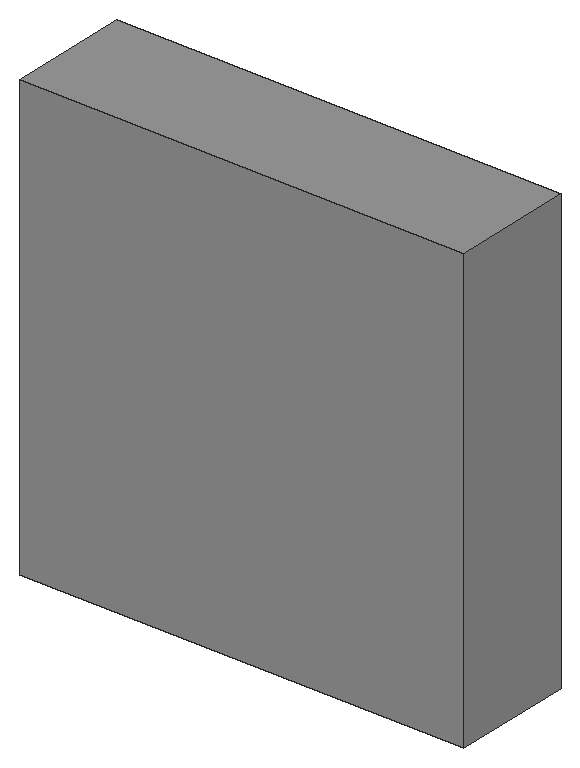
Revit family "SHG_Leser_V1700", category Sicherheitsgeräte, Revit 2017
Family settings
  Beschriftungsausrichtung beibehalten = Nein
  Bemaßung runder Anschluss = Durchmesser verwenden
  Teiletyp = Normal
  OmniClass-Nummer = 23.85.30.11
  OmniClass-Titel = Access Controls
  Arbeitsebenenbasiert = Nein
  Immer vertikal = Ja
  Beim Laden mit Abzugskörper schneiden = Ja
  Gemeinsam genutzt = Nein
  Raumberechnungspunkt = Nein
Parameters (values of type "Transponderleser")
  pbr_Material_KZ = ""
  pbr_Material = none
  pbr_E_Typ = ""
  pbr_E_KZ = ""
  pbr_DINBild = 0
  pbr_Bild = 0
  pbr_3Dx_Delta_Korrekturversatz [instance] = 0 mm
  pbr_3DX_Versatzfaktor [instance] = 0
  pbr_2DY_Versatzfaktor [instance] = 0
  pbr_2DX_Versatzfaktor [instance] = 0
  lfd_STRK [instance] = 0
  cpiFitMatchKey [instance] = "E-ZK VS A"
  Zentrale [instance] = ""
  Typ [instance] = ""
  Transponderleser = yes
  Tiefe = 37 mm
  Text3 [instance] = ""
  Text2 [instance] = ""
  Text1 [instance] = ""
  Planungsbüro Rohling = "www.pbr.de"
  Netzart = ""
  Menge(Dosenzahl) [instance] = 0
  Länge = 135 mm
  Linie/Anschluss [instance] = ""
  Linie [instance] = ""
  Leser online = no
  Lastklassifizierung = none
  Kartenleser (ZK) = no
  Kartenleser = no
  Installationsart [instance] = ""
  Info [instance] = ""
  Gewerk [instance] = "ZK"
  Eckversatz [instance] = 0 mm
  YFrontversatz [instance] = if(pbr_2DY_Versatzfaktor = 300, 0 mm, pbr_2DY_Versatzfaktor * 300 mm)  # 0 mm
  XSeitenversatz [instance] = if(pbr_2DX_Versatzfaktor = 0, 3000 mm, 3000 mm + (pbr_2DX_Versatzfaktor * 300 mm)) + Eckversatz  # 3000 mm
  X3Dversatz [instance] = if([3DX_Versatzkontrolle] = 0, 2000 mm, 2000 mm + ([3DX_Versatzkontrolle] * (300 mm - Breite))) + pbr_3Dx_Delta_Korrekturversatz  # 2000 mm
  Niveau [instance] = 1200 mm
  Code Kartenleser = no
  Bus [instance] = ""
  Breite = 135 mm
  Betriebsstrom ruhe [instance] = 0
  Betriebsstrom max [instance] = 0
  Ausweisleser Typ 2 = no
  Ausweisleser Typ 1 = no
  Ausweisleser Standalone = no
  Ausweisleser = no
  Aufdruckbolzen = no
  3DX_Versatzkontrolle [instance] = if(pbr_3DX_Versatzfaktor = 0, (pbr_2DX_Versatzfaktor * -1), (((-1 * pbr_3DX_Versatzfaktor) + pbr_2DX_Versatzfaktor) * -1))  # 0
  3DX_Versatz [instance] = if([3DX_Versatzkontrolle] = 0, 2000 mm, 2000 mm + ([3DX_Versatzkontrolle] * (300 mm - Breite))) + pbr_3Dx_Delta_Korrekturversatz  # 2000 mm
Types (10, lengths in mm): name | Transponderleser | Leser online | Kartenleser (ZK) | Kartenleser | Gewerk | Code Kartenleser | Ausweisleser Typ 2 | Ausweisleser Typ 1 | Ausweisleser Standalone | Ausweisleser | Aufdruckbolzen
  Aufdruckbolzen | no | no | no | no | "ZK" | no | no | no | no | no | yes
  Transponderleser | yes | no | no | no | "ZK" | no | no | no | no | no | no
  Kartenleser_KAS | no | no | no | yes | "KAS" | no | no | no | no | no | no
  Ausweisleser | no | no | no | no | "ZK" | no | no | no | no | yes | no
  Ausweisleser_Standalone | no | no | no | no | "ZK" | no | no | no | yes | no | no
  Ausweisleser_Typ2 | no | no | no | no | "ZK" | no | yes | no | no | no | no
  Ausweisleser_Typ1 | no | no | no | no | "ZK" | no | no | yes | no | no | no
  Code_Kartenleser | no | no | no | no | "ZK" | yes | no | no | no | no | no
  Kartenleser_ZK | no | no | yes | no | "ZK" | no | no | no | no | no | no
  Leser_online | no | yes | no | no | "ZK" | no | no | no | no | no | no
Reference planes
  plane 1 "Mitte (Vorne/Hinten)": y = 0
  plane 2: z = 0
  plane 3 "Mitte (Links/Rechts)": x = 22.5
  plane 4: x = -127.5
  plane 5: x = 172.5
  plane 6: y = 300
  plane 7 "Schalterhinten": y = 0
  plane 8: x = -2977.5
  plane 9: x = 22.5
  plane 10: x = -1977.5
  plane 11: x = -45
  plane 12: x = 90
  plane 13: z = 1267.5
  plane 14: z = 1132.5
  plane 15 "SchalterVorne": y = 37
  plane 16 "3DMitte": x = 22.5
  plane 17 "Achse": z = 1200
  plane 18: z = 1225
  plane 19: z = 1175
  plane 20 "2DMitte": y = 150
Forms (mm)
  Extrusion 1, solid, material "Stahl, weich, geschweißt"
    sketch origin (0, 20, 0) x (0, 0, 1) y (-1, 0, 0)
      loop
        line (1132.5, 45) -> (1132.5, -90) -> (1267.5, -90) -> (1267.5, 45) -> (1132.5, 45)
    from -17 to 20
Dimensions and locks
  locked: plane 6 to plane 7 "Schalterhinten" at 300
  "XSeitenversatz": plane 8 to plane 9
  plane 8 to plane 3 "Mitte (Links/Rechts)" = 3000 mm
  "YFrontversatz": plane 1 "Mitte (Vorne/Hinten)" to plane 7 "Schalterhinten"
  "Breite": plane 12 to plane 11
  "Länge": plane 13 to plane 14
  plane 9 to plane 10 = 2000 mm
  equal spacing: plane 12, plane 16 "3DMitte", plane 11
  equal spacing: plane 13, plane 17 "Achse", plane 14
  "Niveau": plane 17 "Achse" to level
  "Tiefe": plane 15 "SchalterVorne" to plane 1 "Mitte (Vorne/Hinten)"
  plane 13 to plane 18 = 42.5 mm
  plane 19 to plane 14 = 42.5 mm
  equal spacing: plane 4, plane 9, plane 5, locked at 150 each
  locked: plane 4 to plane 5 at 300
  equal spacing: plane 6, plane 20 "2DMitte", plane 7 "Schalterhinten", locked at 150 each
  locked: plane 9 to plane 10 at 2000
  "3DX_Versatz": plane 3 "Mitte (Links/Rechts)" to plane 10
  aligned and locked: level to plane 2
  aligned and locked: Extrusion 1 sketch curve to plane 14
  aligned and locked: Extrusion 1 sketch curve to plane 11
  aligned and locked: Extrusion 1 sketch curve to plane 13
  aligned and locked: plane 12 to Extrusion 1 sketch curve
  aligned and locked: plane 1 "Mitte (Vorne/Hinten)" to Extrusion 1
  aligned and locked: Extrusion 1 to plane 15 "SchalterVorne"
  aligned and locked: nested 1 to plane 9
  aligned and locked: nested 1 to plane 7 "Schalterhinten"
  aligned and locked: nested 2 to plane 9
  aligned and locked: nested 2 to plane 7 "Schalterhinten"
  aligned and locked: nested 3 to plane 9
  aligned and locked: nested 3 to plane 7 "Schalterhinten"
  aligned and locked: nested 4 to plane 9
  aligned and locked: nested 4 to plane 7 "Schalterhinten"
  aligned and locked: nested 5 to plane 9
  aligned and locked: nested 5 to plane 7 "Schalterhinten"
  aligned and locked: nested 6 to plane 9
  aligned and locked: nested 6 to plane 7 "Schalterhinten"
  aligned and locked: nested 7 to plane 9
  aligned and locked: nested 7 to plane 7 "Schalterhinten"
  aligned and locked: nested 8 to plane 9
  aligned and locked: nested 8 to plane 7 "Schalterhinten"
  aligned and locked: nested 9 to plane 9
  aligned and locked: nested 9 to plane 7 "Schalterhinten"
  aligned and locked: nested 10 to plane 9
  aligned and locked: nested 10 to plane 7 "Schalterhinten"
Nested families
  nested 1: "Aufdruckbolzen" at (22.5, 0, 0), visible <- "Aufdruckbolzen", type "Aufdruckbolzen"
  nested 2: "Ausweisleser" at (22.5, 0, 0), visible <- "Ausweisleser", type "Ausweisleser"
  nested 3: "Ausweisleser Standalone" at (22.5, 0, 0), visible <- "Ausweisleser Standalone", type "Ausweisleser Standalone"
  nested 4: "Ausweisleser Typ 1" at (22.5, 0, 0), visible <- "Ausweisleser Typ 1", type "Ausweisleser Typ 1"
  nested 5: "Ausweisleser Typ 2" at (22.5, 0, 0), visible <- "Ausweisleser Typ 2", type "Ausweisleser Typ 2"
  nested 6: "Code Kartenleser" at (22.5, 0, 0), visible <- "Code Kartenleser", type "Code Kartenleser"
  nested 7: "Kartenleser (KAS)" at (22.5, 0, 0), visible <- "Kartenleser", type "Kartenleser (KAS)"
  nested 8: "Kartenleser (ZK)" at (22.5, 0, 0), visible <- "Kartenleser (ZK)", type "Kartenleser (ZK)"
  nested 9: "Leser online" at (22.5, 0, 0), visible <- "Leser online", type "Leser online"
  nested 10: "Transponderleser" at (22.5, 0, 0), visible <- "Transponderleser", type "Transponderleser"
Connectors
  electrical at (22.5, 0, 1200)
    settings: on Extrusion 1, index 1, voltage 0 V, apparent load 0 VA, apparent load phase1 0 VA, apparent load phase2 0 VA, apparent load phase3 0 VA, power factor 1, load classification "Sonstige", number of poles 1, system type 10, power factor state 1, is connector primary yes, connector utility no, sub classification motor no, connector description ""
Definition of nested family "Aufdruckbolzen"
  Reference planes
    plane 1 "Mitte (Vorne/Hinten)": y = 0
    plane 2: z = 0
    plane 3 "Mitte (Links/Rechts)": x = 0
  Lines and regions (mm)
    detail lines, in view "Referenzebene"
      curve 1: line (160.497, 0, 0) -> (160.497, 300, 0)
      curve 2: line (160.497, 300, 0) -> (-139.503, 300, 0)
      curve 3: line (-139.503, 300, 0) -> (-139.503, 0, 0)
      curve 4: line (-139.503, 0, 0) -> (160.497, 0, 0)
      curve 5: line (-57.25, 214.249, 0) -> (-57.25, 85.582, 0)
      curve 6: line (-57.25, 149.916, 0) -> (63.21, 149.916, 0)
Definition of nested family "Ausweisleser"
  Reference planes
    plane 1 "Mitte (Vorne/Hinten)": y = 0
    plane 2: z = 0
    plane 3 "Mitte (Links/Rechts)": x = 0
  Lines and regions (mm)
    detail lines, in view "Referenzebene"
      curve 1: line (-145.019, 503.43, 0) -> (154.981, 503.43, 0)
      curve 2: line (154.981, 503.43, 0) -> (154.981, 0, 0)
      curve 3: line (154.981, 0, 0) -> (-145.019, 0, 0)
      curve 4: line (-145.019, 0, 0) -> (-145.019, 503.43, 0)
      curve 5: line (-82.618, 396.834, 0) -> (98.986, 396.834, 0)
Definition of nested family "Ausweisleser Standalone"
  Reference planes
    plane 1 "Mitte (Vorne/Hinten)": y = 0
    plane 2: z = 0
    plane 3 "Mitte (Links/Rechts)": x = 0
  Lines and regions (mm)
    Filled region 1, type "Beton", in view "Referenzebene"
      outline origin (-544.599, -278.336, 0) x (1, 0, 0) y (0, 1, 0)
        loop
          spline (421.975, 491.057) -> (428.809, 499.066) -> (434.102, 502.124) -> (438.935, 503.224) -> (443.905, 502.641) -> (449.197, 500.608) -> (454.142, 498.06) -> (458.215, 495.82) -> (461.648, 494.09) -> (465.275, 492.896) -> (470.831, 492.137) -> (479.269, 493.434) -> (490.007, 501.396)
          line (490.007, 501.396) -> (490.007, 518.837)
          spline (490.007, 518.837) -> (482.508, 511.417) -> (475.754, 507.938) -> (471.59, 507.879) -> (467.736, 508.531) -> (463.025, 510.821) -> (458.476, 513.276) -> (453.776, 515.517) -> (448.568, 517.508) -> (443.39, 518.716) -> (437.755, 518.704) -> (430.649, 516.672) -> (421.975, 508.826)
          line (421.975, 508.826) -> (421.975, 491.057)
    Filled region 2, type "Beton", in view "Referenzebene"
      outline origin (-544.599, -278.336, 0) x (1, 0, 0) y (0, 1, 0)
        loop
          line (585.8, 382.695) -> (585.8, 368.804) -> (650.06, 368.804) -> (650.06, 382.695) -> (585.8, 382.695)
        loop
          line (585.8, 345.652) -> (585.8, 331.761) -> (650.06, 331.761) -> (650.06, 345.652) -> (585.8, 345.652)
    detail lines, in view "Referenzebene"
      curve 1: line (-152.278, 300, 0) -> (147.722, 300, 0)
      curve 2: line (147.722, 300, 0) -> (147.722, 0, 0)
      curve 3: line (147.722, 0, 0) -> (-152.278, 0, 0)
      curve 4: line (-152.278, 0, 0) -> (-152.278, 300, 0)
      curve 5: line (-152.278, 0, 0) -> (147.722, 300, 0)
      curve 6: line (-152.278, 600, 0) -> (147.722, 600, 0)
      curve 7: line (147.722, 600, 0) -> (147.722, 300, 0)
      curve 8: line (147.722, 300, 0) -> (-152.278, 300, 0)
      curve 9: line (-152.278, 300, 0) -> (-152.278, 600, 0)
      curve 10: line (-89.877, 508.392, 0) -> (91.727, 508.392, 0)
Definition of nested family "Ausweisleser Typ 1"
  Reference planes
    plane 1 "Mitte (Vorne/Hinten)": y = 0
    plane 2: z = 0
    plane 3 "Mitte (Links/Rechts)": x = 0
  Lines and regions (mm)
    detail lines, in view "Referenzebene"
      curve 1: line (-0.422, 150, 0) -> (-0.422, 0, 0)
      curve 2: line (-0.422, 0, 0) -> (-300.422, 0, 0)
      curve 3: line (-300.422, 0, 0) -> (-300.422, 300, 0)
      curve 4: line (-300.422, 300, 0) -> (-0.422, 300, 0)
      curve 5: line (-0.422, 300, 0) -> (-300.422, 300, 0)
      curve 6: line (-300.422, 300, 0) -> (-300.422, 150, 0)
      curve 7: line (-300.422, 0, 0) -> (-0.422, 0, 0)
      curve 8: line (-0.422, 0, 0) -> (-0.422, 300, 0)
      curve 9: line (-0.422, 300, 0) -> (299.578, 300, 0)
      curve 10: line (299.578, 300, 0) -> (299.578, 212.5, 0)
      curve 11: line (299.578, 212.5, 0) -> (149.578, 212.5, 0)
      curve 12: line (149.578, 212.5, 0) -> (149.578, 87.5, 0)
      curve 13: line (149.578, 87.5, 0) -> (299.578, 87.5, 0)
      curve 14: line (299.578, 87.5, 0) -> (299.578, 0, 0)
      curve 15: line (299.578, 0, 0) -> (-0.422, 0, 0)
      curve 16: line (-0.422, 0, 0) -> (-0.422, 300, 0)
      curve 17: line (-78.422, 78, 0) -> (-222.422, 78, 0)
      curve 18: line (-222.422, 78, 0) -> (-222.422, 222, 0)
      curve 19: line (-222.422, 222, 0) -> (-78.422, 222, 0)
      curve 20: line (-78.422, 222, 0) -> (-78.422, 78, 0)
      curve 21: line (-78.422, 126, 0) -> (-222.422, 126, 0)
      curve 22: line (-78.422, 174, 0) -> (-222.422, 174, 0)
      curve 23: line (-174.422, 78, 0) -> (-174.422, 222, 0)
      curve 24: line (-216.422, 78, 0) -> (-216.422, 222, 0)
      curve 25: line (-126.422, 78, 0) -> (-126.422, 222, 0)
      curve 26: line (-84.422, 222, 0) -> (-84.422, 78, 0)
      curve 27: line (224.578, 150, 0) -> (349.578, 150, 0)
      curve 28: line (149.578, 180.745, 0) -> (149.578, 0, 0)
Definition of nested family "Ausweisleser Typ 2"
  Reference planes
    plane 1 "Mitte (Vorne/Hinten)": y = 0
    plane 2: z = 0
    plane 3 "Mitte (Links/Rechts)": x = 0
  Lines and regions (mm)
    detail lines, in view "Referenzebene"
      curve 1: circle (-149.991, 147.854, 0) r 132.092 normal (0, 0, 1)
      curve 2: line (-300, -2.146, 0) -> (0, -2.146, 0)
      curve 3: line (0, -2.146, 0) -> (0, 297.854, 0)
      curve 4: line (0, 297.854, 0) -> (300, 297.854, 0)
      curve 5: line (300, 297.854, 0) -> (300, 210.354, 0)
      curve 6: line (300, 210.354, 0) -> (150, 210.354, 0)
      curve 7: line (150, 210.354, 0) -> (150, 85.354, 0)
      curve 8: line (150, 85.354, 0) -> (300, 85.354, 0)
      curve 9: line (300, 85.354, 0) -> (300, -2.146, 0)
      curve 10: line (300, -2.146, 0) -> (0, -2.146, 0)
      curve 11: line (0, -2.146, 0) -> (0, 297.854, 0)
      curve 12: line (0, 297.854, 0) -> (-300, 297.854, 0)
      curve 13: line (-300, 297.854, 0) -> (-300, -2.146, 0)
      curve 14: line (225, 147.854, 0) -> (350, 147.854, 0)
      curve 15: line (150, 178.599, 0) -> (150, -2.146, 0)
      curve 16: line (-59.991, 147.854, 0) -> (-149.991, 147.854, 0)
      curve 17: line (-149.991, 147.854, 0) -> (-149.991, 267.854, 0)
Definition of nested family "Code Kartenleser"
  Reference planes
    plane 1 "Mitte (Vorne/Hinten)": y = 0
    plane 2: z = 0
    plane 3 "Mitte (Links/Rechts)": x = 0
  Lines and regions (mm)
    detail lines, in view "Referenzebene"
      curve 1: line (-158.643, 0, 0) -> (141.357, 0, 0)
      curve 2: line (141.357, 0, 0) -> (141.357, 300, 0)
      curve 3: line (141.357, 300, 0) -> (-158.643, 300, 0)
      curve 4: line (-158.643, 300, 0) -> (-158.643, 0, 0)
      curve 5: line (140.945, 152.317, 0) -> (-158.643, 152.317, 0)
      curve 6: line (-65.021, 230.932, 0) -> (47.735, 230.932, 0)
Definition of nested family "Kartenleser (KAS)"
  Reference planes
    plane 1 "Mitte (Vorne/Hinten)": y = 0
    plane 2: z = 0
    plane 3 "Mitte (Links/Rechts)": x = 0
  Lines and regions (mm)
    detail lines, in view "Referenzebene"
      curve 1: line (-150.685, 0, 0) -> (149.315, 0, 0)
      curve 2: line (149.315, 0, 0) -> (149.315, 303.43, 0)
      curve 3: line (149.315, 303.43, 0) -> (-150.685, 303.43, 0)
      curve 4: line (-150.685, 303.43, 0) -> (-150.685, 0, 0)
      curve 5: line (-75.551, 151.715, 0) -> (74.182, 151.715, 0)
Definition of nested family "Kartenleser (ZK)"
  Reference planes
    plane 1 "Mitte (Vorne/Hinten)": y = 0
    plane 2: z = 0
    plane 3 "Mitte (Links/Rechts)": x = 0
  Lines and regions (mm)
    detail lines, in view "Referenzebene"
      curve 1: line (-150.685, 0, 0) -> (149.315, 0, 0)
      curve 2: line (149.315, 0, 0) -> (149.315, 303.43, 0)
      curve 3: line (149.315, 303.43, 0) -> (-150.685, 303.43, 0)
      curve 4: line (-150.685, 303.43, 0) -> (-150.685, 0, 0)
      curve 5: line (-75.551, 151.715, 0) -> (74.182, 151.715, 0)
Definition of nested family "Leser online"
  Reference planes
    plane 1 "Mitte (Vorne/Hinten)": y = 0
    plane 2: z = 0
    plane 3 "Mitte (Links/Rechts)": x = 0
  Lines and regions (mm)
    detail lines, in view "Referenzebene"
      curve 1: line (13.357, 380.745, 0) -> (13.357, 200, 0)
      curve 2: line (88.357, 350, 0) -> (213.357, 350, 0)
      curve 3: line (-136.643, 503.43, 0) -> (163.357, 503.43, 0)
      curve 4: line (163.357, 503.43, 0) -> (163.357, 412.5, 0)
      curve 5: line (163.357, 412.5, 0) -> (13.357, 412.5, 0)
      curve 6: line (13.357, 412.5, 0) -> (13.357, 287.5, 0)
      curve 7: line (13.357, 287.5, 0) -> (163.357, 287.5, 0)
      curve 8: line (163.357, 287.5, 0) -> (163.357, 200, 0)
      curve 9: line (163.357, 200, 0) -> (-136.643, 200, 0)
      curve 10: line (-136.643, 200, 0) -> (-136.643, 503.43, 0)
      curve 11: line (-136.643, 200, 0) -> (-136.643, 0, 0)
      curve 12: line (-136.643, 0, 0) -> (163.357, 0, 0)
      curve 13: line (163.357, 0, 0) -> (163.357, 200, 0)
      curve 14: line (-86.643, 100, 0) -> (113.357, 100, 0)
      curve 15: line (113.357, 100, 0) -> (22.275, 122.863, 0)
      curve 16: line (113.357, 100, 0) -> (22.275, 77.137, 0)
Definition of nested family "Transponderleser"
  Reference planes
    plane 1 "Mitte (Vorne/Hinten)": y = 0
    plane 2: z = 0
    plane 3 "Mitte (Links/Rechts)": x = 0
  Lines and regions (mm)
    detail lines, in view "Referenzebene"
      curve 1: line (108.642, 0, 0) -> (-107.358, 0, 0)
      curve 2: line (-107.358, 0, 0) -> (-107.358, 216, 0)
      curve 3: line (-107.358, 216, 0) -> (108.642, 216, 0)
      curve 4: line (108.642, 216, 0) -> (108.642, 0, 0)
      curve 5: line (108.642, 72, 0) -> (-107.358, 72, 0)
      curve 6: line (108.642, 144, 0) -> (-107.358, 144, 0)
      curve 7: line (-35.358, 0, 0) -> (-35.358, 216, 0)
      curve 8: line (-98.358, 0, 0) -> (-98.358, 216, 0)
      curve 9: line (36.642, 0, 0) -> (36.642, 216, 0)
      curve 10: line (99.642, 216, 0) -> (99.642, 0, 0)
